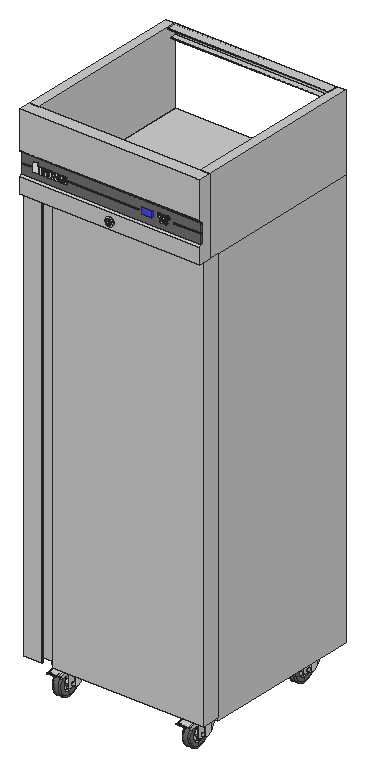
Revit family "QF_INOMAK_CAP172_SL_RU_250513081755", category Specialty Equipment, Revit 2021
Family settings
  Round Connector Dimension = Use Diameter
  Part Type = Normal
  OmniClass Number = 23.40.40.14
  OmniClass Title = Food Service Equipment
  Work Plane-Based = No
  Always vertical = Yes
  Cut with Voids When Loaded = No
  Shared = No
  Room Calculation Point = No
Parameters (values of type "CAP172-SL-RU")
  Weight [instance] = 101.00 kg
  Warranty Start Date [instance] = ""
  Warranty Duration [instance] = ""
  Volts [instance] = 230 V
  Volt Free Conn [instance] = no
  URL Recommended Spares List [instance] = ""
  URL Manufacturer [instance] = ""
  URL Cutsheet [instance] = ""
  URL Critical Spares List [instance] = ""
  URL = "www.inomak.com"
  Technical Documentation [instance] = ""
  Tag Number [instance] = ""
  Status [instance] = ""
  Start Up Current [instance] = 0 A
  Specification by User [instance] = ""
  Specification by Manufacturer [instance] = ""
  Sound Level [instance] = ""
  Show Logo [instance] = yes
  Show Clearances [instance] = yes
  Service Life Duration [instance] = ""
  Serial Number [instance] = ""
  Seismic Rating [instance] = ""
  SMACNA No [instance] = ""
  Revision Code [instance] = ""
  Revision [instance] = ""
  Refrigeration Working Pressure [instance] = 0.0 Pa
  Refrigeration Suction Line Size [instance] = 9.652 mm
  Refrigeration Suction Line Remarks [instance] = ""
  Refrigeration Suction Line RI Height [instance] = 0 mm
  Refrigeration Suction Line Connection Type [instance] = ""
  Refrigeration Suction Line Connection Height [instance] = 0 mm
  Refrigeration Liquid Line Size [instance] = 9.652 mm
  Refrigeration Liquid Line Remarks [instance] = ""
  Refrigeration Liquid Line RI Height [instance] = 0 mm
  Refrigeration Liquid Line Connection Type [instance] = ""
  Refrigeration Liquid Line Connection Height [instance] = 0 mm
  Refrigeration Evaporation Temperature [instance] = 0 °C
  Refrigeration Energy Efficiency Index [instance] = ""
  Refrigeration Defrost Drain [instance] = no
  Refrigeration Climate Class [instance] = ""
  Refrigerant Volume [instance] = 0.0 L/s
  Refrigerant Type [instance] = ""
  Refrigerant Mass [instance] = 0
  Refrigerant Compressor Remote [instance] = no
  Production Year [instance] = ""
  Potential Equalisation [instance] = no
  Point Load [instance] = 0
  Phase [instance] = 1
  Other Equipment Approvals [instance] = ""
  Operational Current [instance] = 0 A
  Number of Poles [instance] = 2
  No Load Power Draw [instance] = no
  NAFEM Spec ID Number [instance] = ""
  Model Warning [instance] = ""
  Model = "CAP172/SL/RU"
  Min Ckt Ampacity [instance] = 0 A
  Max Overcurrent Protection [instance] = 10 A
  Masterspec [instance] = ""
  Manufacturer = "INOMAK"
  Main switch integrated [instance] = no
  Length Actual [instance] = 720 mm
  Item Number [instance] = ""
  Installed By [instance] = ""
  Installation Date [instance] = ""
  Identify Quantity as Lot [instance] = no
  ID [instance] = ""
  Hygiene Approval [instance] = ""
  Height Actual [instance] = 2100 mm
  HP power [instance] = ""
  Furnished By [instance] = ""
  Foodservice Equipment Identifier [instance] = no
  FL Amps [instance] = 0 A
  Energy Efficiency Labelling [instance] = ""
  Electrical Remarks [instance] = ""
  Electric power [instance] = 0 W
  Electric Connection Type [instance] = ""
  Elec Conn RI Height [instance] = 0 mm
  Elec Conn Connection Height [instance] = 0 mm
  ETL Approved [instance] = no
  Description = "RAMNUS CHILLER CABINET FOR CONNECTION TO A REMOTE UNIT WITH 1 DOOR, COMPACT DIMENSIONS "
  Depth Actual [instance] = 768 mm
  Default Elevation = 0 mm
  Cycle [instance] = 50 Hz
  Cost = 0
  Connection to energy optimisation system [instance] = yes
  Conn Plug [instance] = ""
  Conn Conduit [instance] = no
  Centralized building control system with digital interface [instance] = ""
  CSI MasterFormat [instance] = ""
  CE Approved [instance] = no
  Barcode [instance] = 0
  BTUH [instance] = 0 W
  Author [instance] = ""
  Asset Identifier [instance] = ""
  Apparent Power [instance] = 0 VA
  Accessory [instance] = no
Reference planes
  plane 1 "Center (Front/Back)": y = 0
  plane 2: z = 0
  plane 3 "Center (Left/Right)": x = 0
Forms (mm)
  Extrusion 1, solid, not visible
    sketch origin (590.029, -430.021, 2028.099) x (1, 0, 0) y (0, 1, 0)
      loop
        line (-2, 2) -> (-2, -2) -> (2, -2) -> (2, 2) -> (-2, 2)
    from -2 to 2
  Extrusion 2, solid, not visible
    sketch origin (590.029, -450.022, 2028.099) x (1, 0, 0) y (0, 1, 0)
      loop
        line (-2, 2) -> (-2, -2) -> (2, -2) -> (2, 2) -> (-2, 2)
    from -2 to 2
  Extrusion 3, solid, not visible
    sketch origin (590.029, -2, 1930.094) x (1, 0, 0) y (0, 1, 0)
      loop
        line (-2, 2) -> (-2, -2) -> (2, -2) -> (2, 2) -> (-2, 2)
    from -2 to 2
Dimensions and locks
  locked: nested 2 to Extrusion 1 at 2  (x2)
  locked: nested 3 to Extrusion 2 at 2  (x2)
  locked: Extrusion 3 to nested 4
  locked: nested 4 to Extrusion 3 at 2
  aligned and locked: level to plane 2
Nested families
  nested 1: "QF_INOMAK_REF_CABINETS_172_RU_2920" at (0, 0, 130), type "CAP172-SL-RU"
    with Weight 101.00 kg, Warranty Start Date "", Warranty Duration "", URL Cutsheet "", Technical Documentation "", Tag Number "", Status "", Specification by User "", Specification by Manufacturer "", Sound Level "", Solid Fuel Type "", Show Clearances yes, Service Life Duration "", Serial Number "", Seismic Rating "", SMACNA No "", Revision Code "", Revision "", Production Year "", Point Load 0, Other Equipment Approvals "", NAFEM Spec ID Number "", Model Warning "", Masterspec "", Length Actual 720 mm, Item Number "", Installed By "", Installation Date "", Identify Quantity as Lot yes, ID "", Hygiene Approval "", Height Actual 2100 mm, Furnished By "", Foodservice Equipment Identifier yes, Finish none, ETL Approved yes, Depth Actual 768 mm, CSI MasterFormat "", CE Approved yes, Barcode "", Author "", Asset Identifier "", Accessory no
  nested 2: "CONN_POINT_LIQUIDLINE_2D___Generic_Annotation" at (590.029, -430.021, 2030.099), type "CONN_POINT_LIQUIDLINE_2D___Generic_Annotation"
    with Onboard connection annotation symbol visibility yes
  nested 3: "CONN_POINT_SUCTIONLINE_2D___Generic_Annotation" at (590.029, -450.022, 2030.099), type "CONN_POINT_SUCTIONLINE_2D___Generic_Annotation"
    with Onboard connection annotation symbol visibility yes
  nested 4: "CONN_POINT_ELE_2D___Generic_Annotation" at (590.029, 0, 1930.094), type "CONN_POINT_ELE_2D___Generic_Annotation"
    with Onboard connection annotation symbol visibility yes
  nested 5: "QF_INOMAK_C172-DR-RX_5961" at (0, -732, 130), type "C172-DR-RX"
    with Weight 0.00 kg, Warranty Start Date "", Warranty Duration "", URL Cutsheet "", Technical Documentation "", Tag Number "", Status "", Specification by User "", Specification by Manufacturer "", Sound Level "", Solid Fuel Type "", Show Logo yes, Show Clearances yes, Show Clearance yes, Service Life Duration "", Serial Number "", Seismic Rating "", SMACNA No "", Revision Code "", Revision "", Production Year "", Point Load 0, Other Equipment Approvals "", NAFEM Spec ID Number "", Model Warning "", Masterspec "", Length Actual 720 mm, Item Number "", Installed By "", Installation Date "", Identify Quantity as Lot yes, ID "", Hygiene Approval "", Height Actual 1982 mm, Furnished By "", Foodservice Equipment Identifier yes, Finish none, ETL Approved yes, Depth Actual 70 mm, CSI MasterFormat "", CE Approved yes, Barcode "", Author "", Asset Identifier "", Accessory yes
  nested 6: "QF_INOMAK_CASTORS_6833" at (0, 0, 0), type "CT-720-730"
    with Weight 0.00 kg, Warranty Start Date "", Warranty Duration "", URL Cutsheet "", Technical Documentation "", Tag Number "", Status "", Specification by User "", Specification by Manufacturer "", Sound Level "", Solid Fuel Type "", Show Logo yes, Show Clearances yes, Service Life Duration "", Serial Number "", Seismic Rating "", SMACNA No "", Revision Code "", Revision "", Production Year "", Point Load 0, Other Equipment Approvals "", NAFEM Spec ID Number "", Model Warning "", Masterspec "", Length Actual 720 mm, Item Number "", Installed By "", Installation Date "", Identify Quantity as Lot yes, ID "", Hygiene Approval "", Height Actual 130 mm, Furnished By "", Foodservice Equipment Identifier yes, ETL Approved yes, Depth Actual 730 mm, CSI MasterFormat "", CE Approved yes, Barcode "", Author "", Asset Identifier "", Accessory yes
Connectors
  piping at (590.029, -430.021, 2030.099), diameter 9.652, driven by "Refrigeration Liquid Line Size", driven by "Refrigerant Volume"
    settings: on Extrusion 1, index 1, connector inside diameter 609.6 mm, connector length 0 mm, flow factor 0, pipe flow 0.0 L/s, pressure drop 0.0 Pa, fitting loss kfactor 0, connector angle 0.00°, fixture units 0, engagement length 0 mm, angle of deflection 0.00°, flow configuration 1, flow direction 1, fitting loss method 0, system type 7, joint type 0, gender type 0, connector reference index -1, connector utility 0, adjustable connector no, is connector primary yes, connector description "Refrigeration Liquid Line connection for CAP172/SL/RU"
  piping at (590.029, -450.022, 2030.099), diameter 9.652, driven by "Refrigeration Suction Line Size"
    settings: on Extrusion 2, index 2, connector inside diameter 609.6 mm, connector length 0 mm, flow factor 0, pipe flow 0.0 L/s, pressure drop 0.0 Pa, fitting loss kfactor 0, connector angle 0.00°, fixture units 0, engagement length 0 mm, angle of deflection 0.00°, flow configuration 1, flow direction 2, fitting loss method 0, system type 8, joint type 0, gender type 0, connector reference index -1, connector utility 0, adjustable connector no, is connector primary no, connector description "Refrigeration Suction Line connection for CAP172/SL/RU"
  electrical at (590.029, 0, 1930.094), driven by "Apparent Power", driven by "Number of Poles", driven by "Volts"
    settings: on Extrusion 3, index 3, voltage 230 V, apparent load 0 VA, apparent load phase1 0 VA, apparent load phase2 0 VA, apparent load phase3 0 VA, power factor 1, load classification "Other", number of poles 2, system type 31, power factor state 1, is connector primary yes, connector utility no, sub classification motor no, connector description "Electrical connection for CAP172/SL/RU"
Definition of nested family "QF_INOMAK_REF_CABINETS_172_RU_2920"
  Parameters (values of type "CAP172-GL-RU")
    Weight [instance] = 0.00 kg
    Warranty Start Date [instance] = ""
    Warranty Duration [instance] = ""
    URL Cutsheet [instance] = ""
    URL = "www.inomak.com"
    Technical Documentation [instance] = ""
    Tag Number [instance] = ""
    Status [instance] = ""
    Specification by User [instance] = ""
    Specification by Manufacturer [instance] = ""
    Sound Level [instance] = ""
    Solid Fuel Type [instance] = ""
    Show Logo = yes
    Show Clearances [instance] = yes
    Service Life Duration [instance] = ""
    Serial Number [instance] = ""
    Seismic Rating [instance] = ""
    SMACNA No [instance] = ""
    Revision Code [instance] = ""
    Revision [instance] = ""
    Production Year [instance] = ""
    Point Load [instance] = 0
    Other Equipment Approvals [instance] = ""
    NAFEM Spec ID Number [instance] = ""
    Model Warning [instance] = ""
    Model = "CAP172/GL/RU"
    Masterspec [instance] = ""
    Manufacturer = "INOMAK"
    Length Actual [instance] = 0 mm
    Length = 720 mm
    Item Number [instance] = ""
    Installed By [instance] = ""
    Installation Date [instance] = ""
    Identify Quantity as Lot [instance] = yes
    ID [instance] = ""
    Hygiene Approval [instance] = ""
    Height Actual [instance] = 0 mm
    Height = 1985 mm
    Furnished By [instance] = ""
    Foodservice Equipment Identifier [instance] = yes
    Finish [instance] = none
    ETL Approved [instance] = yes
    Description = "RAMNUS CHILLER CABINET FOR CONNECTION TO A REMOTE UNIT WITH 1 GN 2/1 GLASS DOOR"
    Depth Actual [instance] = 0 mm
    Depth = 824 mm
    Default Elevation = 0 mm
    CSI MasterFormat [instance] = ""
    CE Approved [instance] = yes
    Barcode [instance] = ""
    Author [instance] = ""
    Asset Identifier [instance] = ""
    Assembly Code = "E1090320"
    Accessory [instance] = yes
  Types (8, lengths in mm): name | Model | Description | Depth
    CAP172-RU | "CAP172/RU" | "RAMNUS CHILLER CABINET FOR CONNECTION TO A REMOTE UNIT WITH 1 GN 2/1 DOOR" | 832
    CBP172-RU | "CBP172/RU" | "RAMNUS FREEZER CABINET FOR CONNECTION TO A REMOTE UNIT WITH 1 GN 2/1 DOOR" | 832
    CAP172-SL-RU | "CAP172/SL/RU" | "RAMNUS CHILLER CABINET FOR CONNECTION TO A REMOTE UNIT WITH 1 DOOR, COMPACT DIMENSIONS" | 732
    CAP172-GL-RU | "CAP172/GL/RU" | "RAMNUS CHILLER CABINET FOR CONNECTION TO A REMOTE UNIT WITH 1 GN 2/1 GLASS DOOR" | 824
    CAP172-SL-GL-RU | "CAP172/SL/GL/RU" | "RAMNUS CHILLER CABINET FOR CONNECTION TO A REMOTE UNIT WITH 1 GLASS DOOR, COMPACT DIMENSIONS" | 724
    CBP172-SL-RU | "CBP172/SL/RU" | "RAMNUS FREEZER CABINET FOR CONNECTION TO A REMOTE UNIT WITH 1 DOOR, COMPACT DIMENSIONS" | 732
    CBP172-GL-RU | "CBP172/GL/RU" | "RAMNUS FREEZER CABINET FOR CONNECTION TO A REMOTE UNIT WITH 1 GN 2/1 GLASS DOOR" | 824
    CBP172-SL-GL-RU | "CBP172/SL/GL/RU" | "RAMNUS FREEZER CABINET FOR CONNECTION TO A REMOTE UNIT WITH 1 GLASS DOOR, COMPACT DIMENSIONS" | 724
  Reference planes
    plane 1 "Back": y = 0
    plane 2: z = 0
    plane 3 "Left": x = 0
    plane 4 "Right": x = 720
    plane 5 "Front": y = -824
    plane 6 "Top": z = 1985
  Forms (mm)
    Extrusion 1, solid
      sketch origin (-1732.685, -824, 3995) x (-1, 0, 0) y (0, 0, 1)
        loop
          circle (-2284.815, -2199.02) r 6.965
        loop
          circle (-2301.846, -2199.02) r 6.965
        loop
          circle (-2318.855, -2199.02) r 6.965
        loop
          circle (-2293.341, -2217.021) r 6.965
        loop
          circle (-2310.35, -2217.021) r 6.965
        loop
          circle (-2284.815, -2199.02) r 3.965
        loop
          circle (-2301.846, -2199.02) r 3.965
        loop
          circle (-2318.855, -2199.02) r 3.965
        loop
          circle (-2293.341, -2217.021) r 3.965
        loop
          circle (-2310.35, -2217.021) r 3.965
      from 7.3 to 10.302
    Extrusion 2, solid
      sketch origin (-1732.685, -824, 3995) x (-1, 0, 0) y (0, 0, 1)
        loop
          line (-2257.026, -2195.289) -> (-2257.026, -2218.289) -> (-2217.026, -2218.289) -> (-2217.026, -2195.289) -> (-2257.026, -2195.289)
      from 7.3 to 10.302
    Extrusion 3, solid
      sketch origin (-1732.685, -824, 3995) x (-1, 0, 0) y (0, 0, 1)
        loop
          line (-1732.685, -2167.27) -> (-2452.685, -2167.27) -> (-2452.685, -2246.309) -> (-1732.685, -2246.309) -> (-1732.685, -2167.27)
      from 7.8 to 10.302
    Extrusion 4, solid, visible <- "Show Logo"
      sketch origin (-1732.685, -824, 3995) x (-1, 0, 0) y (0, 0, 1)
        loop
          line (-1776.745, -2194.74) -> (-1782.745, -2194.74) -> (-1782.745, -2183.633) -> (-1796.982, -2183.633) -> (-1796.982, -2194.74) -> (-1802.982, -2194.74) -> (-1802.982, -2220.99) -> (-1776.745, -2220.99) -> (-1776.745, -2194.74)
        loop
          line (-1807.298, -2195.052) -> (-1814.587, -2195.052) -> (-1814.587, -2220.99) -> (-1807.298, -2220.99) -> (-1807.298, -2195.052)
        loop
          line (-1817.107, -2220.99) -> (-1817.107, -2195.052) -> (-1823.94, -2195.052) -> (-1827.134, -2206.971) -> (-1827.134, -2195.052) -> (-1833.666, -2195.052) -> (-1833.666, -2220.99) -> (-1827.134, -2220.99) -> (-1823.42, -2207.127) -> (-1823.42, -2220.99) -> (-1817.107, -2220.99)
        loop
          line (-1854.348, -2220.99) -> (-1854.348, -2195.052) -> (-1863.311, -2195.052) -> (-1865.673, -2209.062) -> (-1868.035, -2195.052) -> (-1876.997, -2195.052) -> (-1876.997, -2220.99) -> (-1870.372, -2220.99) -> (-1870.372, -2207.127) -> (-1868.035, -2220.99) -> (-1863.311, -2220.99) -> (-1860.973, -2207.127) -> (-1860.973, -2220.99) -> (-1854.348, -2220.99)
        loop
          line (-1839.536, -2195.052) -> (-1848.861, -2195.052)
          arc (-1848.861, -2195.052) -> (-1851.458, -2196.128) -> (-1852.533, -2198.724) r 3.672
          line (-1852.533, -2198.724) -> (-1852.533, -2217.318)
          arc (-1852.533, -2217.318) -> (-1851.458, -2219.914) -> (-1848.861, -2220.99) r 3.672
          line (-1848.861, -2220.99) -> (-1839.536, -2220.99)
          arc (-1839.536, -2220.99) -> (-1836.939, -2219.914) -> (-1835.864, -2217.318) r 3.672
          line (-1835.864, -2217.318) -> (-1835.864, -2198.724)
          arc (-1835.864, -2198.724) -> (-1836.939, -2196.128) -> (-1839.536, -2195.052) r 3.672
        loop
          arc (-1843.172, -2198.208) -> (-1844.198, -2197.181) -> (-1845.225, -2198.208) r 1.027
          line (-1845.225, -2198.208) -> (-1845.225, -2216.801)
          arc (-1845.225, -2216.801) -> (-1844.198, -2217.828) -> (-1843.172, -2216.801) r 1.027
          line (-1843.172, -2216.801) -> (-1843.172, -2198.208)
        loop
          line (-1878.066, -2220.99) -> (-1882.439, -2195.052) -> (-1891.3, -2195.052) -> (-1895.673, -2220.99) -> (-1889.146, -2220.99) -> (-1888.536, -2216.027) -> (-1885.203, -2216.027) -> (-1884.593, -2220.99) -> (-1878.066, -2220.99)
        loop
          line (-1885.759, -2211.498) -> (-1886.87, -2202.452) -> (-1887.98, -2211.498) -> (-1885.759, -2211.498)
        loop
          line (-1896.638, -2220.99) -> (-1896.638, -2195.052) -> (-1903.263, -2195.052) -> (-1903.263, -2204.165) -> (-1906.049, -2195.052) -> (-1913.487, -2195.052) -> (-1909.159, -2206.329) -> (-1914.207, -2220.99) -> (-1906.623, -2220.99) -> (-1903.263, -2208.45) -> (-1903.263, -2220.99) -> (-1896.638, -2220.99)
      from 7.3 to 10.3
    Extrusion 5, solid
      sketch origin (-1732.685, -824, 3995) x (-1, 0, 0) y (0, 0, 1)
        loop
          line (-1732.685, -2204.789) -> (-1769.679, -2204.789) -> (-1769.679, -2208.789) -> (-1732.685, -2208.789) -> (-1732.685, -2204.789)
        loop
          line (-1918.161, -2204.789) -> (-2202.526, -2204.789) -> (-2202.526, -2208.789) -> (-1918.161, -2208.789) -> (-1918.161, -2204.789)
        loop
          line (-2452.685, -2204.789) -> (-2452.685, -2208.789) -> (-2344.916, -2208.789) -> (-2344.916, -2204.789) -> (-2452.685, -2204.789)
      from 7.3 to 10.302
    Extrusion 6, solid, material <- "Finish"
      sketch origin (0, 24.612, -1987) x (0, 1, 0) y (0, 0, 1)
        loop
          line (-848.612, 3972) -> (-848.612, 3823.032) -> (-840.31, 3814.73) -> (-840.31, 3735.691) -> (-848.612, 3727.389) -> (-848.612, 3667) -> (-798.612, 3667) -> (-798.612, 3972) -> (-848.612, 3972)
      from 0 to 720
    Extrusion 7, solid, material <- "Finish"
      sketch origin (0, 0, 1985) x (0, 1, 0) y (-1, 0, 0)
        loop
          line (-774, 0) -> (-774, -35) -> (0, -35) -> (0, 0) -> (-774, 0)
      from 0 to -305
    Extrusion 8, solid, material <- "Finish"
      sketch origin (0, 0, 1985) x (0, 1, 0) y (-1, 0, 0)
        loop
          line (-774, -720) -> (0, -720) -> (0, -685) -> (-774, -685) -> (-774, -720)
      from 0 to -305
    Extrusion 9, solid, material <- "Finish"
      sketch origin (0, 24.612, -1987) x (0, 1, 0) y (0, 0, 1)
        loop
          line (-798.612, 3863.915) -> (-798.612, 3667) -> (-678.934, 3667) -> (-678.934, 3744.237) -> (-798.612, 3863.915)
      from 35 to 685
    Extrusion 10, solid, material <- "Finish"
      sketch origin (0, 24.612, -123) x (0, 1, 0) y (0, 0, 1)
        loop
          line (-675.378, 1910.946) -> (-690.935, 1926.502) -> (-709.143, 1908.294) -> (-707.729, 1906.88) -> (-690.935, 1923.674) -> (-676.793, 1909.532) -> (-675.378, 1910.946)
      from 114.953 to 225
    Extrusion 11, solid, material <- "Finish"
      sketch origin (394.212, 24.612, -123) x (0, 1, 0) y (0, 0, 1)
        loop
          line (-675.378, 1910.946) -> (-690.935, 1926.502) -> (-709.143, 1908.294) -> (-707.729, 1906.88) -> (-690.935, 1923.674) -> (-676.793, 1909.532) -> (-675.378, 1910.946)
      from 114.953 to 225
    Extrusion 12, solid, material <- "Finish"
      sketch origin (0, 30.903, -1982) x (0, 1, 0) y (0, 0, 1)
        loop
          line (-30.903, 3967) -> (-70.903, 3967) -> (-70.903, 3965) -> (-32.903, 3965) -> (-32.903, 3929) -> (-55.903, 3929) -> (-55.903, 3927) -> (-30.903, 3927) -> (-30.903, 3967)
      from 35 to 685
    Extrusion 13, solid, material <- "Finish"
      sketch origin (0, 30.903, -118) x (0, 1, 0) y (0, 0, 1)
        loop
          line (-30.903, 1798) -> (-764.903, 1798) -> (-764.903, 1733) -> (-100.876, 1733) -> (-100.876, 191) -> (-764.903, 191) -> (-764.903, 118) -> (-30.903, 118) -> (-30.903, 1798)
      from 35 to 685
    Extrusion 14, solid, material <- "Finish"
      sketch origin (0, 30.903, -415.687) x (1, 0, 0) y (0, 1, 0)
        loop
          line (0, -764.903) -> (35, -764.903) -> (35, -30.903) -> (0, -30.903) -> (0, -764.903)
      from 415.687 to 2095.687
    Extrusion 15, solid, material <- "Finish"
      sketch origin (720, 30.903, -415.687) x (-1, 0, 0) y (0, -1, 0)
        loop
          line (0, 764.903) -> (0, 30.903) -> (35, 30.903) -> (35, 764.903) -> (0, 764.903)
      from 415.687 to 2095.687
    Revolve 16, solid
      sketch origin (358.942, 24.612, -1987) x (0, 1, 0) y (0, 0, 1)
        loop
          line (-851.012, 3694.152) -> (-848.612, 3694.152) -> (-848.612, 3711.145) -> (-849.612, 3711.145) -> (-853.012, 3706.633) -> (-853.012, 3702.998) -> (-851.012, 3702.998) -> (-851.012, 3694.152)
        axis (-848.612, 3694.152) -> (-853.012, 3694.152)
      angle from 0 to 360
    Extrusion 17, solid
      sketch origin (-1732.685, -824, 3995) x (-1, 0, 0) y (0, 0, 1)
        loop
          line (-2090.827, -2284.348) -> (-2092.827, -2284.348) -> (-2092.827, -2291.348) -> (-2090.827, -2291.348) -> (-2090.827, -2284.348)
        loop
          circle (-2091.627, -2287.848) r 7.846
      from -4.4 to -2.4
    Extrusion 18, solid, material <- "Finish"
      sketch origin (0, 30.903, -118) x (1, 0, 0) y (0, 1, 0)
        loop
          line (187, 5.097) -> (187, -29.903) -> (175, -29.903) -> (175, -30.903) -> (545, -30.903) -> (545, -29.903) -> (533, -29.903) -> (533, 5.097) -> (187, 5.097)
      from 1156 to 1531
    Extrusion 19, solid, material <- "Finish"
      sketch origin (100, 30.903, -118) x (1, 0, 0) y (0, 1, 0)
        loop
          line (339, 0.097) -> (339, -29.903) -> (325, -29.903) -> (325, -30.903) -> (340, -30.903) -> (340, -0.903) -> (393, -0.903) -> (393, -30.903) -> (408, -30.903) -> (408, -29.903) -> (394, -29.903) -> (394, 0.097) -> (339, 0.097)
      from 1531 to 1793
  Lines and regions (mm)
    symbolic lines
      curve 1: line (0, 0, 0) -> (720, 0, 0)
      curve 2: line (0, -824, 0) -> (0, 0, 0)
      curve 3: line (720, -824, 0) -> (0, -824, 0)
      curve 4: line (720, 0, 0) -> (720, -824, 0)
      curve 5: line (35, 0, 0) -> (35, -774, 0)
      curve 6: line (35, -774, 0) -> (685, -774, 0)
      curve 7: line (685, -774, 0) -> (685, 0, 0)
      curve 8: line (35, -40, 0) -> (685, -40, 0)
      curve 9: line (35, -654.322, 0) -> (685, -654.322, 0)
      curve 10: line (187, 1, 0) -> (187, 36, 0)
      curve 11: line (187, 36, 0) -> (533, 36, 0)
      curve 12: line (533, 36, 0) -> (533, 1, 0)
      curve 13: line (187, 1, 0) -> (175, 1, 0)
      curve 14: line (175, 1, 0) -> (175, 0, 0)
      curve 15: line (533, 1, 0) -> (545, 1, 0)
      curve 16: line (545, 1, 0) -> (545, 0, 0)
      curve 17: line (425, 0, 0) -> (425, 1, 0)
      curve 18: line (425, 1, 0) -> (439, 1, 0)
      curve 19: line (439, 1, 0) -> (439, 31, 0)
      curve 20: line (439, 31, 0) -> (494, 31, 0)
      curve 21: line (494, 31, 0) -> (494, 1, 0)
      curve 22: line (494, 1, 0) -> (508, 1, 0)
      curve 23: line (508, 1, 0) -> (508, 0, 0)
  Dimensions and locks
    plane 3 "Left" to plane 4 "Right" = 720 mm
    "Depth": plane 5 "Front" to plane 1 "Back"
    "Height": plane 6 "Top" to level
    plane 6 "Top" to level = 1985 mm
    aligned and locked: level to plane 2
    aligned and locked: plane 6 "Top" to Extrusion 6 sketch curve
  Automatic sketch dimensions
    curve 3 to plane 3 "Left" = 0 mm
    curve 3 to plane 4 "Right" = 0 mm
    curve 2 to plane 5 "Front" = 0 mm
    plane 3 "Left" to curve 6 = 35 mm
    curve 7 to curve 1 = 35 mm
    plane 5 "Front" to curve 7 = 50 mm
    plane 1 "Back" to curve 8 = 40 mm
    Extrusion 6 sketch curve to plane 5 "Front" = 0 mm  (x2)
    plane 5 "Front" to Extrusion 6 sketch curve = 8.302 mm
    Extrusion 6 sketch curve to Extrusion 6 sketch curve = 50 mm
    Extrusion 6 sketch curve to Extrusion 6 sketch curve = 60.389 mm
    Extrusion 6 sketch curve to Extrusion 6 sketch curve = 8.302 mm  (x2)
    Extrusion 6 sketch curve to Extrusion 6 sketch curve = 79.039 mm
    Extrusion 6 sketch curve to Extrusion 6 sketch curve = 148.968 mm
    plane 5 "Front" to Extrusion 9 sketch curve = 50 mm
    Extrusion 9 sketch curve to Extrusion 9 sketch curve = 119.678 mm  (x2)
    Extrusion 9 sketch curve to plane 6 "Top" = 305 mm
    Extrusion 9 sketch curve to Extrusion 9 sketch curve = 77.237 mm
    plane 5 "Front" to Extrusion 10 sketch curve = 139.47 mm
    Extrusion 10 sketch curve to Extrusion 10 sketch curve = 1.414 mm  (x2)
    Extrusion 10 sketch curve to Extrusion 10 sketch curve = 16.794 mm
    Extrusion 10 sketch curve to Extrusion 10 sketch curve = 0 mm
    Extrusion 10 sketch curve to Extrusion 10 sketch curve = 14.142 mm
    level to Extrusion 10 sketch curve = 1783.88 mm
    plane 5 "Front" to Extrusion 11 sketch curve = 139.47 mm
    Extrusion 11 sketch curve to Extrusion 11 sketch curve = 1.414 mm  (x2)
    Extrusion 11 sketch curve to Extrusion 11 sketch curve = 16.794 mm
    Extrusion 11 sketch curve to Extrusion 11 sketch curve = 0 mm
    Extrusion 11 sketch curve to Extrusion 11 sketch curve = 14.142 mm
    level to Extrusion 11 sketch curve = 1783.88 mm
    plane 1 "Back" to Extrusion 12 sketch curve = 40 mm
    Extrusion 12 sketch curve to Extrusion 12 sketch curve = 15 mm
    plane 1 "Back" to Extrusion 12 sketch curve = 2 mm
    Extrusion 12 sketch curve to Extrusion 12 sketch curve = 2 mm  (x3)
    Extrusion 12 sketch curve to plane 6 "Top" = 40 mm
    Extrusion 12 sketch curve to Extrusion 12 sketch curve = 36 mm
    Extrusion 13 sketch curve to level = 0 mm
    Extrusion 13 sketch curve to plane 6 "Top" = 1912 mm
    plane 5 "Front" to Extrusion 13 sketch curve = 90 mm  (x2)
    plane 1 "Back" to Extrusion 13 sketch curve = 69.973 mm
    plane 1 "Back" to Extrusion 13 sketch curve = 0 mm
    Extrusion 13 sketch curve to plane 6 "Top" = 370 mm
    Extrusion 13 sketch curve to Extrusion 13 sketch curve = 65 mm
    Extrusion 14 sketch curve to plane 3 "Left" = 0 mm
    plane 3 "Left" to Extrusion 14 sketch curve = 35 mm
    plane 5 "Front" to Extrusion 14 sketch curve = 90 mm
    plane 1 "Back" to Extrusion 14 sketch curve = 0 mm
    Extrusion 15 sketch curve to plane 4 "Right" = 0 mm
    Extrusion 15 sketch curve to Extrusion 15 sketch curve = 35 mm
    plane 1 "Back" to Extrusion 15 sketch curve = 0 mm
    plane 5 "Front" to Extrusion 15 sketch curve = 90 mm
    Revolve 16 sketch curve to plane 5 "Front" = 0 mm
    Revolve 16 sketch curve to plane 5 "Front" = 1 mm
    Revolve 16 sketch curve to plane 5 "Front" = 2.4 mm
    Revolve 16 sketch curve to Revolve 16 sketch curve = 2 mm
    Revolve 16 sketch curve to plane 6 "Top" = 277.848 mm
    Revolve 16 sketch curve to Revolve 16 sketch curve = 8.846 mm
    Revolve 16 sketch curve to Revolve 16 sketch curve = 3.635 mm
    Revolve 16 sketch curve to Revolve 16 sketch curve = 4.512 mm
    Revolve 16 sketch curve to Revolve 16 sketch curve = 0 mm  (x2)
    Revolve 16 sketch curve to Revolve 16 sketch curve = 4.096 mm
    Extrusion 1 sketch curve to Extrusion 1 sketch curve = 0 mm  (x13)
    plane 4 "Right" to Extrusion 1 sketch curve = 133.83 mm
    Extrusion 1 sketch curve to Extrusion 1 sketch curve = 8.505 mm
    Extrusion 1 sketch curve to Extrusion 1 sketch curve = 17.009 mm  (x2)
    Extrusion 1 sketch curve to Extrusion 1 sketch curve = 17.03 mm
    Extrusion 1 sketch curve to plane 6 "Top" = 207.021 mm
    Extrusion 1 sketch curve to Extrusion 1 sketch curve = 18.001 mm
    plane 4 "Right" to Extrusion 2 sketch curve = 195.659 mm
    Extrusion 2 sketch curve to Extrusion 2 sketch curve = 40 mm
    Extrusion 2 sketch curve to plane 6 "Top" = 208.289 mm
    Extrusion 2 sketch curve to Extrusion 2 sketch curve = 23 mm
    plane 4 "Right" to Extrusion 3 sketch curve = 0 mm
    Extrusion 3 sketch curve to plane 3 "Left" = 0 mm
    Extrusion 3 sketch curve to plane 6 "Top" = 236.309 mm
    Extrusion 3 sketch curve to Extrusion 3 sketch curve = 79.039 mm
    plane 3 "Left" to Extrusion 4 sketch curve = 181.522 mm
    Extrusion 4 sketch curve to Extrusion 4 sketch curve = 0.72 mm
    Extrusion 4 sketch curve to Extrusion 4 sketch curve = 4.329 mm
    Extrusion 4 sketch curve to Extrusion 4 sketch curve = 7.584 mm
    Extrusion 4 sketch curve to Extrusion 4 sketch curve = 7.438 mm
    Extrusion 4 sketch curve to Extrusion 4 sketch curve = 5.895 mm
    Extrusion 4 sketch curve to Extrusion 4 sketch curve = 0 mm  (x16)
    Extrusion 4 sketch curve to Extrusion 4 sketch curve = 6.625 mm  (x2)
    Extrusion 4 sketch curve to Extrusion 4 sketch curve = 0.965 mm
    Extrusion 4 sketch curve to Extrusion 4 sketch curve = 5.338 mm
    Extrusion 4 sketch curve to Extrusion 4 sketch curve = 6.527 mm  (x2)
    Extrusion 4 sketch curve to Extrusion 4 sketch curve = 0.609 mm
    Extrusion 4 sketch curve to Extrusion 4 sketch curve = 0.556 mm
    Extrusion 4 sketch curve to Extrusion 4 sketch curve = 4.43 mm  (x2)
    Extrusion 4 sketch curve to Extrusion 4 sketch curve = 2.222 mm
    Extrusion 4 sketch curve to Extrusion 4 sketch curve = 3.334 mm
    Extrusion 4 sketch curve to Extrusion 4 sketch curve = 4.552 mm
    Extrusion 4 sketch curve to Extrusion 4 sketch curve = 1.069 mm
    Extrusion 4 sketch curve to Extrusion 4 sketch curve = 8.962 mm  (x2)
    Extrusion 4 sketch curve to Extrusion 4 sketch curve = 2.337 mm
    Extrusion 4 sketch curve to Extrusion 4 sketch curve = 4.699 mm  (x2)
    Extrusion 4 sketch curve to Extrusion 4 sketch curve = 4.724 mm  (x2)
    Extrusion 4 sketch curve to Extrusion 4 sketch curve = 1.815 mm
    Extrusion 4 sketch curve to Extrusion 4 sketch curve = 3.672 mm  (x6)
    Extrusion 4 sketch curve to Extrusion 4 sketch curve = 3.636 mm  (x3)
    Extrusion 4 sketch curve to Extrusion 4 sketch curve = 1.027 mm
    Extrusion 4 sketch curve to Extrusion 4 sketch curve = 2.197 mm
    Extrusion 4 sketch curve to Extrusion 4 sketch curve = 6.532 mm  (x2)
    Extrusion 4 sketch curve to Extrusion 4 sketch curve = 3.194 mm
    Extrusion 4 sketch curve to Extrusion 4 sketch curve = 3.714 mm
    Extrusion 4 sketch curve to Extrusion 4 sketch curve = 6.312 mm
    Extrusion 4 sketch curve to Extrusion 4 sketch curve = 2.52 mm
    Extrusion 4 sketch curve to Extrusion 4 sketch curve = 7.29 mm
    Extrusion 4 sketch curve to Extrusion 4 sketch curve = 4.315 mm
    Extrusion 4 sketch curve to Extrusion 4 sketch curve = 6 mm
    Extrusion 4 sketch curve to Extrusion 4 sketch curve = 14.237 mm
    Extrusion 4 sketch curve to Extrusion 4 sketch curve = 26.237 mm
    Extrusion 4 sketch curve to plane 6 "Top" = 210.99 mm
    Extrusion 4 sketch curve to Extrusion 4 sketch curve = 0.516 mm  (x2)
    Extrusion 4 sketch curve to Extrusion 4 sketch curve = 4.963 mm
    Extrusion 4 sketch curve to Extrusion 4 sketch curve = 4.529 mm
    Extrusion 4 sketch curve to Extrusion 4 sketch curve = 11.927 mm
    Extrusion 4 sketch curve to Extrusion 4 sketch curve = 12.539 mm
    Extrusion 4 sketch curve to Extrusion 4 sketch curve = 1.935 mm  (x2)
    Extrusion 4 sketch curve to Extrusion 4 sketch curve = 13.862 mm
    Extrusion 4 sketch curve to Extrusion 4 sketch curve = 0.157 mm
    Extrusion 4 sketch curve to Extrusion 4 sketch curve = 2.122 mm
    Extrusion 4 sketch curve to Extrusion 4 sketch curve = 4.285 mm
    Extrusion 4 sketch curve to Extrusion 4 sketch curve = 9.047 mm
    Extrusion 4 sketch curve to Extrusion 4 sketch curve = 8.403 mm
    Extrusion 4 sketch curve to Extrusion 4 sketch curve = 12.075 mm
    Extrusion 4 sketch curve to Extrusion 4 sketch curve = 26.25 mm
    Extrusion 4 sketch curve to Extrusion 4 sketch curve = 0.312 mm
    Extrusion 4 sketch curve to Extrusion 4 sketch curve = 11.107 mm
    plane 4 "Right" to Extrusion 5 sketch curve = 0 mm
    Extrusion 5 sketch curve to plane 3 "Left" = 0 mm
    Extrusion 5 sketch curve to Extrusion 5 sketch curve = 107.768 mm
    Extrusion 5 sketch curve to Extrusion 5 sketch curve = 142.39 mm
    plane 3 "Left" to Extrusion 5 sketch curve = 185.476 mm
    plane 3 "Left" to Extrusion 5 sketch curve = 36.995 mm
    Extrusion 5 sketch curve to plane 6 "Top" = 198.789 mm
    Extrusion 5 sketch curve to Extrusion 5 sketch curve = 0 mm  (x2)
    Extrusion 5 sketch curve to Extrusion 5 sketch curve = 4 mm  (x3)
    plane 4 "Right" to Extrusion 17 sketch curve = 359.858 mm
    Extrusion 17 sketch curve to Extrusion 17 sketch curve = 1.2 mm
    Extrusion 17 sketch curve to Extrusion 17 sketch curve = 2 mm
    Extrusion 17 sketch curve to plane 6 "Top" = 281.348 mm
    Extrusion 17 sketch curve to Extrusion 17 sketch curve = 3.5 mm  (x2)
    curve 6 to curve 9 = 119.678 mm
    Extrusion 7 sketch curve to plane 3 "Left" = 0 mm
    plane 1 "Back" to Extrusion 7 sketch curve = 0 mm
    plane 5 "Front" to Extrusion 7 sketch curve = 50 mm
    plane 3 "Left" to Extrusion 7 sketch curve = 35 mm
    Extrusion 8 sketch curve to plane 4 "Right" = 0 mm
    plane 1 "Back" to Extrusion 8 sketch curve = 0 mm
    plane 5 "Front" to Extrusion 8 sketch curve = 50 mm
    plane 4 "Right" to Extrusion 8 sketch curve = 35 mm
    plane 1 "Back" to curve 7 = 0 mm
    curve 13 to plane 1 "Back" = 1 mm
    curve 5 to curve 13 = 140 mm
    curve 13 to curve 13 = 12 mm
    curve 10 to curve 17 = 238 mm
    curve 19 to plane 1 "Back" = 1 mm
    curve 17 to curve 19 = 14 mm
    curve 19 to curve 20 = 55 mm
    curve 23 to plane 1 "Back" = 1 mm
    curve 21 to curve 23 = 14 mm
    curve 20 to curve 11 = 39 mm
    curve 15 to plane 1 "Back" = 1 mm
    curve 12 to curve 15 = 12 mm
    curve 21 to curve 20 = 30 mm
    curve 10 to curve 11 = 35 mm
    plane 1 "Back" to Extrusion 18 sketch curve = 0 mm
    Extrusion 18 sketch curve to plane 1 "Back" = 1 mm  (x2)
    plane 3 "Left" to Extrusion 18 sketch curve = 175 mm
    Extrusion 18 sketch curve to Extrusion 18 sketch curve = 12 mm  (x2)
    Extrusion 18 sketch curve to plane 1 "Back" = 36 mm
    plane 4 "Right" to Extrusion 18 sketch curve = 187 mm
    plane 1 "Back" to Extrusion 19 sketch curve = 0 mm  (x2)
    plane 4 "Right" to Extrusion 19 sketch curve = 295 mm
    Extrusion 19 sketch curve to plane 1 "Back" = 1 mm  (x2)
    Extrusion 19 sketch curve to Extrusion 19 sketch curve = 14 mm  (x2)
    Extrusion 19 sketch curve to Extrusion 19 sketch curve = 1 mm  (x3)
    Extrusion 19 sketch curve to Extrusion 19 sketch curve = 53 mm
    Extrusion 19 sketch curve to Extrusion 19 sketch curve = 29 mm
    radius of Extrusion 1 sketch curve = 6.965 mm  (x5)
    radius of Extrusion 1 sketch curve = 3.965 mm  (x5)
    radius of Extrusion 17 sketch curve = 7.846 mm
Definition of nested family "QF_INOMAK_C172-DR-RX_5961"
  Parameters (values of type "C172-DR-RX")
    Weight [instance] = 0.00 kg
    Warranty Start Date [instance] = ""
    Warranty Duration [instance] = ""
    URL Cutsheet [instance] = ""
    URL = "www.inomak.com"
    Technical Documentation [instance] = ""
    Tag Number [instance] = ""
    Status [instance] = ""
    Specification by User [instance] = ""
    Specification by Manufacturer [instance] = ""
    Sound Level [instance] = ""
    Solid Fuel Type [instance] = ""
    Show Logo [instance] = yes
    Show Clearances [instance] = yes
    Show Clearance [instance] = yes
    Service Life Duration [instance] = ""
    Serial Number [instance] = ""
    Seismic Rating [instance] = ""
    SMACNA No [instance] = ""
    Revision Code [instance] = ""
    Revision [instance] = ""
    Production Year [instance] = ""
    Point Load [instance] = 0
    Other Equipment Approvals [instance] = ""
    NAFEM Spec ID Number [instance] = ""
    Model Warning [instance] = ""
    Model = "C172-DR-RX"
    Masterspec [instance] = ""
    Manufacturer = "INOMAK"
    Length Actual [instance] = 0 mm
    Item Number [instance] = ""
    Installed By [instance] = ""
    Installation Date [instance] = ""
    Identify Quantity as Lot [instance] = yes
    ID [instance] = ""
    Hygiene Approval [instance] = ""
    Height Actual [instance] = 0 mm
    Furnished By [instance] = ""
    Foodservice Equipment Identifier [instance] = yes
    Finish [instance] = none
    ETL Approved [instance] = yes
    Description = "RIGHT HINGED DOOR"
    Depth Actual [instance] = 0 mm
    Default Elevation = 0 mm
    CSI MasterFormat [instance] = ""
    CE Approved [instance] = yes
    Barcode [instance] = ""
    Author [instance] = ""
    Asset Identifier [instance] = ""
    Assembly Code = "E1090320"
    Accessory [instance] = yes
  Reference planes
    plane 1 "Back": y = 0
    plane 2: z = 0
    plane 3 "Left": x = 0
    plane 4 "Right": x = 720
    plane 5 "Front": y = 90
    plane 6 "Top": z = 1682
  Forms (mm)
    Extrusion 1, solid, visible <- "Show Clearance", detail levels coarse
      sketch origin (-154.804, 650, -18) x (1, 0, 0) y (0, 1, 0)
        loop
          line (874.804, -1300) -> (874.804, -630) -> (154.804, -630)
          arc (154.804, -630) -> (341.042, -1099.619) -> (804.804, -1300) r 660.076
          line (804.804, -1300) -> (874.804, -1300)
      from 28 to 1695
    Extrusion 2, solid, material <- "Finish"
      sketch origin (692, 81.553, 1286.729) x (0, 1, 0) y (-1, 0, 0)
        loop
          line (-61.553, -28) -> (8.447, -28) -> (8.447, 692) -> (-61.553, 692) -> (-61.553, 622.228)
          arc (-61.553, 622.228) -> (-60.614, 620.603) -> (-58.737, 620.603) r 1.877
          line (-58.737, 620.603) -> (-49.238, 626.088) -> (-45.56, 652.255) -> (-31.678, 650.304) -> (-31.678, 605.437) -> (-61.553, 575.562) -> (-61.553, -28)
      from -1276.729 to 390.271
  Lines and regions (mm)
    symbolic lines, visible <- "Show Clearance"
      curve 1: line (650, -650, 0) -> (720, -650, 0)
      curve 2: line (720, -650, 0) -> (720, 0, 0)
      curve 3: arc (0, 0, 0) -> (193.256, -456.744, 0) -> (650, -650, 0) r 660.076
  Dimensions and locks
    plane 3 "Left" to plane 4 "Right" = 720 mm
    plane 1 "Back" to plane 5 "Front" = 90 mm
    plane 6 "Top" to plane 2 = 1682 mm
    aligned and locked: level to plane 2
Definition of nested family "QF_INOMAK_CASTORS_6833"
  Parameters (values of type "CT-1105-600")
    Weight [instance] = 0.00 kg
    Warranty Start Date [instance] = ""
    Warranty Duration [instance] = ""
    URL Cutsheet [instance] = ""
    URL = "www.inomak.com"
    Technical Documentation [instance] = ""
    Tag Number [instance] = ""
    Status [instance] = ""
    Specification by User [instance] = ""
    Specification by Manufacturer [instance] = ""
    Sound Level [instance] = ""
    Solid Fuel Type [instance] = ""
    Show Logo [instance] = yes
    Show Clearances [instance] = yes
    Service Life Duration [instance] = ""
    Serial Number [instance] = ""
    Seismic Rating [instance] = ""
    SMACNA No [instance] = ""
    Right offset = 300 mm
    Revision Code [instance] = ""
    Revision [instance] = ""
    Rear offset = 60 mm
    Production Year [instance] = ""
    Point Load [instance] = 0
    Other Equipment Approvals [instance] = ""
    NAFEM Spec ID Number [instance] = ""
    Model Warning [instance] = ""
    Model = "CT"
    Masterspec [instance] = ""
    Manufacturer = "INOMAK"
    Length Actual [instance] = 0 mm
    Length = 1103 mm
    Left offset = 60 mm
    Item Number [instance] = ""
    Installed By [instance] = ""
    Installation Date [instance] = ""
    Identify Quantity as Lot [instance] = yes
    ID [instance] = ""
    Hygiene Approval [instance] = ""
    Height Actual [instance] = 0 mm
    Height = 130 mm
    Furnished By [instance] = ""
    Front offset = 150 mm
    Foodservice Equipment Identifier [instance] = yes
    ETL Approved [instance] = yes
    Description = "WHEELS"
    Depth Actual [instance] = 0 mm
    Depth = 600 mm
    Default Elevation = 0 mm
    CentralLegs = if(Length > 1900 mm, 2 > 1, 2 < 1)  # no
    CSI MasterFormat [instance] = ""
    CE Approved [instance] = yes
    Barcode [instance] = ""
    Author [instance] = ""
    Asset Identifier [instance] = ""
    Assembly Code = "E1090320"
    Accessory [instance] = yes
  Types (12, lengths in mm): name | Right offset | Rear offset | Length | Left offset | Front offset | Depth | CentralLegs
    CT-720-830 | 100 | 60 | 720 | 100 | 140 | 830 | no
    CT-1105-700 | 300 | 60 | 1103 | 60 | 150 | 700 | no
    CT-1440-730 | 100 | 60 | 1440 | 100 | 140 | 730 | no
    CT-720-730 | 100 | 60 | 720 | 100 | 140 | 730 | no
    CT-1410-700 | 60 | 90 | 1406 | 60 | 150 | 700 | no
    CT-1795-700 | 60 | 90 | 1792 | 60 | 150 | 700 | no
    CT-1440-830 | 100 | 60 | 1440 | 100 | 140 | 830 | no
    CT-1545-700 | 300 | 90 | 1546 | 100 | 150 | 700 | no
    CT-1995-700 | 300 | 90 | 1996 | 100 | 150 | 700 | yes
    CT-1105-600 | 300 | 60 | 1103 | 60 | 150 | 600 | no
    CT-1545-600 | 300 | 90 | 1546 | 100 | 150 | 600 | no
    CT-1995-600 | 300 | 90 | 1996 | 100 | 150 | 600 | yes
  Reference planes
    plane 1 "Back": y = 0
    plane 2: z = 0
    plane 3 "Left": x = 0
    plane 4 "Right": x = 1103
    plane 5 "Front": y = -600
    plane 6 "Top": z = 130
    plane 7 "Left offset": x = 60
    plane 8 "Right offset": x = 803
    plane 9 "Rear offset": y = -60
    plane 10 "Front offset": y = -450
    plane 11: x = 431.5
  Dimensions and locks
    "Length": plane 3 "Left" to plane 4 "Right"
    "Depth": plane 5 "Front" to plane 1 "Back"
    "Left offset": plane 3 "Left" to plane 7 "Left offset"
    "Right offset": plane 8 "Right offset" to plane 4 "Right"
    "Rear offset": plane 9 "Rear offset" to plane 1 "Back"
    "Front offset": plane 10 "Front offset" to plane 5 "Front"
    plane 6 "Top" to level = 130 mm
    equal spacing: plane 7 "Left offset", plane 11, plane 8 "Right offset"
    aligned and locked: level to plane 2
    aligned and locked: nested 1 to plane 7 "Left offset"
    aligned and locked: nested 1 to plane 10 "Front offset"
    aligned and locked: nested 2 to plane 8 "Right offset"
    aligned and locked: nested 2 to plane 10 "Front offset"
    aligned and locked: nested 3 to plane 7 "Left offset"
    aligned and locked: nested 3 to plane 9 "Rear offset"
    aligned and locked: nested 4 to plane 8 "Right offset"
    aligned and locked: nested 4 to plane 9 "Rear offset"
    aligned and locked: nested 5 to plane 11
    aligned and locked: nested 5 to plane 10 "Front offset"
  Nested families
    nested 1: "QF_INOMAK_CASTOR_BRAKES" at (60, -450, 0), type "QF_INOMAK_CASTOR_BRAKES"
    nested 2: "QF_INOMAK_CASTOR_BRAKES" at (803, -450, 0), type "QF_INOMAK_CASTOR_BRAKES"
    nested 3: "QF_INOMAK_CASTOR" at (60, -60, 0), type "QF_INOMAK_CASTOR"
    nested 4: "QF_INOMAK_CASTOR" at (803, -60, 0), type "QF_INOMAK_CASTOR"
    nested 5: "QF_INOMAK_CASTOR_BRAKES" at (431.5, -450, 0), visible <- "CentralLegs", type "QF_INOMAK_CASTOR_BRAKES"
  Definition of nested family "QF_INOMAK_CASTOR_BRAKES"
    Parameters (values of type "QF_INOMAK_CASTOR_BRAKES")
      Default Elevation = 0 mm
    Reference planes
      plane 1 "Center (Front/Back)": y = 0
      plane 2: z = 0
      plane 3 "Center (Left/Right)": x = 0
    Forms (mm)
      Extrusion 1, solid
        sketch origin (-55, 171.5, 124.5) x (1, 0, 0) y (0, 1, 0)
          loop
            line (12.5, -214) -> (97.5, -214)
            arc (97.5, -214) -> (104.571, -211.071) -> (107.5, -204) r 10
            line (107.5, -204) -> (107.5, -139)
            arc (107.5, -139) -> (104.571, -131.929) -> (97.5, -129) r 10
            line (97.5, -129) -> (12.5, -129)
            arc (12.5, -129) -> (5.429, -131.929) -> (2.5, -139) r 10
            line (2.5, -139) -> (2.5, -204)
            arc (2.5, -204) -> (5.429, -211.071) -> (12.5, -214) r 10
        from 0 to 5.5
      Extrusion 2, solid
        sketch origin (-55, 146, 24.5) x (1, 0, 0) y (0, 1, 0)
          loop
            circle (55, -146) r 36
          loop
            circle (55, -146) r 34
        from 12 to 100
      Extrusion 3, void
        sketch origin (-37.5, 146, -28.526) x (0, 1, 0) y (0, 0, 1)
          loop
            line (-105, 63.026) -> (-105, 139.692) -> (-158.75, 68.026)
            arc (-158.75, 68.026) -> (-160.956, 66.036) -> (-163.75, 65.026) r 7.727
            line (-163.75, 65.026) -> (-175, 65.026) -> (-175, 136.026) -> (-182, 136.026) -> (-182, 63.026) -> (-105, 63.026)
        from 0 to 75
      Revolve 4, solid
        sketch origin (0, -37.5, -3.552) x (1, 0, 0) y (0, 0, 1)
          loop
            arc (10, 3.552) -> (13.536, 5.016) -> (15, 8.552) r 5
            line (15, 8.552) -> (15, 22.052) -> (-15, 22.052) -> (-15, 8.552)
            arc (-15, 8.552) -> (-13.536, 5.016) -> (-10, 3.552) r 5
            line (-10, 3.552) -> (10, 3.552)
          axis (-15, 53.552) -> (15, 53.552)
        angle from 0 to 360
      Extrusion 5, solid
        sketch origin (-21.466, 171.5, -31.526) x (0, 1, 0) y (0, 0, 1)
          loop
            line (-200.5, 68.026) -> (-200.5, 139.026) -> (-222.5, 139.026) -> (-267.507, 126.05)
            arc (-267.507, 126.05) -> (-264.51, 121.7) -> (-259.5, 120.026) r 8.333
            line (-259.5, 120.026) -> (-224.5, 120.026) -> (-224.5, 76.026)
            arc (-224.5, 76.026) -> (-222.157, 70.369) -> (-216.5, 68.026) r 8
            line (-216.5, 68.026) -> (-200.5, 68.026)
        from -3.534 to -1.534
      Extrusion 6, solid
        sketch origin (-34, 171.5, -14) x (0, 1, 0) y (0, 0, 1)
          loop
            circle (-209, 64) r 12.5
        from 11 to 57
      Revolve 7, solid
        sketch origin (-55, -37.5, -3.552) x (1, 0, 0) y (0, 0, 1)
          loop
            arc (65, 22.052) -> (61.464, 23.516) -> (60, 27.052) r 5
            line (60, 27.052) -> (60, 53.526) -> (50, 53.526) -> (50, 27.052)
            arc (50, 27.052) -> (48.536, 23.516) -> (45, 22.052) r 5
            line (45, 22.052) -> (65, 22.052)
          axis (45, 53.526) -> (65, 53.526)
        angle from 0 to 360
      Extrusion 8, solid
        sketch origin (21.466, 171.5, -31.526) x (0, 1, 0) y (0, 0, -1)
          loop
            line (-200.5, -68.026) -> (-216.5, -68.026)
            arc (-216.5, -68.026) -> (-222.157, -70.369) -> (-224.5, -76.026) r 8
            line (-224.5, -76.026) -> (-224.5, -120.026) -> (-259.5, -120.026)
            arc (-259.5, -120.026) -> (-264.51, -121.7) -> (-267.507, -126.05) r 8.333
            line (-267.507, -126.05) -> (-222.5, -139.026) -> (-200.5, -139.026) -> (-200.5, -68.026)
        from -3.534 to -1.534
      Extrusion 9, solid
        sketch origin (250, -359.196, -27.974) x (1, 0, 0) y (0, 1, 0)
          loop
            line (-275, 330.196) -> (-273, 330.196)
            arc (-273, 330.196) -> (-273.274, 332.754) -> (-274.083, 335.196) r 12.082
            line (-274.083, 335.196) -> (-276.833, 335.196)
            arc (-276.833, 335.196) -> (-275.473, 332.858) -> (-275, 330.196) r 7.737
        from 64.474 to 135.474
      Extrusion 10, solid
        sketch origin (-250, -359.196, -27.974) x (-1, 0, 0) y (0, -1, 0)
          loop
            arc (-275, -330.196) -> (-275.473, -332.858) -> (-276.833, -335.196) r 7.737
            line (-276.833, -335.196) -> (-274.083, -335.196)
            arc (-274.083, -335.196) -> (-273.274, -332.754) -> (-273, -330.196) r 12.082
            line (-273, -330.196) -> (-275, -330.196)
        from 64.474 to 135.474
      Sweep 11, solid
        path origin (0, -359.196, -27.974) x (0, 1, 0) y (0, 0, 1)
          loop
            line (338.196, 135.474) -> (308.196, 135.474) -> (263.189, 122.499)
        profile origin (0, -36, 107.5) x (0, 0, -1) y (1, 0, 0)
          loop
            arc (-4, -21) -> (-2.828, -23.828) -> (0, -25) r 4
            line (0, -25) -> (0, -23)
            arc (0, -23) -> (-1.414, -22.414) -> (-2, -21) r 2
            line (-2, -21) -> (-2, 21)
            arc (-2, 21) -> (-1.414, 22.414) -> (0, 23) r 2
            line (0, 23) -> (0, 25)
            arc (0, 25) -> (-2.828, 23.828) -> (-4, 21) r 4
            line (-4, 21) -> (-4, -21)
      Extrusion 12, solid
        sketch origin (-15, -620.032, 471.611) x (1, 0, 0) y (0, 0.809942, -0.58651)
          loop
            line (0, 640.696) -> (0, 622.696) -> (6, 617.696) -> (24, 617.696) -> (30, 622.696) -> (30, 640.696) -> (0, 640.696)
        from 0 to 2
      Extrusion 13, solid
        sketch origin (-10, -688.801, 95.837) x (0, 1, 0) y (0, 0, 1)
          loop
            line (587.696, 0) -> (592.196, -3.259)
            arc (592.196, -3.259) -> (593.446, -3.664) -> (594.696, -3.259) r 2.131
            line (594.696, -3.259) -> (604.172, 4.031) -> (598.943, 2.532) -> (594.631, -0.785)
            arc (594.631, -0.785) -> (593.44, -1.2) -> (592.238, -0.82) r 2
            line (592.238, -0.82) -> (588.869, 1.62) -> (587.696, 0)
        from 0 to 20
      Extrusion 14, solid
        sketch origin (-31, -958.08, 50) x (0, 1, 0) y (0, 0, 1)
          loop
            line (924.33, -6.495) -> (928.08, 0) -> (924.33, 6.495) -> (916.83, 6.495) -> (913.08, 0) -> (916.83, -6.495) -> (924.33, -6.495)
        from 0 to 62
    Cuts and joins
      Extrusion 3 cuts Extrusion 2
      Extrusion 3 cuts Extrusion 9
      Extrusion 3 cuts Extrusion 10
    Dimensions and locks
      aligned and locked: level to plane 2
  Definition of nested family "QF_INOMAK_CASTOR"
    Parameters (values of type "QF_INOMAK_CASTOR")
      Default Elevation = 0 mm
    Reference planes
      plane 1 "Center (Front/Back)": y = 0
      plane 2: z = 0
      plane 3 "Center (Left/Right)": x = 0
    Forms (mm)
      Extrusion 1, solid
        sketch origin (-55, 171.5, 124.5) x (1, 0, 0) y (0, 1, 0)
          loop
            line (12.5, -214) -> (97.5, -214)
            arc (97.5, -214) -> (104.571, -211.071) -> (107.5, -204) r 10
            line (107.5, -204) -> (107.5, -139)
            arc (107.5, -139) -> (104.571, -131.929) -> (97.5, -129) r 10
            line (97.5, -129) -> (12.5, -129)
            arc (12.5, -129) -> (5.429, -131.929) -> (2.5, -139) r 10
            line (2.5, -139) -> (2.5, -204)
            arc (2.5, -204) -> (5.429, -211.071) -> (12.5, -214) r 10
        from 0 to 5.5
      Extrusion 2, solid
        sketch origin (-55, 146, 24.5) x (1, 0, 0) y (0, 1, 0)
          loop
            circle (55, -146) r 36
          loop
            circle (55, -146) r 34
        from 12 to 100
      Extrusion 3, void
        sketch origin (-37.5, 146, -28.526) x (0, 1, 0) y (0, 0, 1)
          loop
            line (-105, 63.026) -> (-105, 139.692) -> (-158.75, 68.026)
            arc (-158.75, 68.026) -> (-160.956, 66.036) -> (-163.75, 65.026) r 7.727
            line (-163.75, 65.026) -> (-175, 65.026) -> (-175, 136.026) -> (-182, 136.026) -> (-182, 63.026) -> (-105, 63.026)
        from 0 to 75
      Revolve 4, solid
        sketch origin (0, -37.5, -3.552) x (1, 0, 0) y (0, 0, 1)
          loop
            arc (10, 3.552) -> (13.536, 5.016) -> (15, 8.552) r 5
            line (15, 8.552) -> (15, 22.052) -> (-15, 22.052) -> (-15, 8.552)
            arc (-15, 8.552) -> (-13.536, 5.016) -> (-10, 3.552) r 5
            line (-10, 3.552) -> (10, 3.552)
          axis (-15, 53.552) -> (15, 53.552)
        angle from 0 to 360
      Extrusion 5, solid
        sketch origin (-21.466, 171.5, -31.526) x (0, 1, 0) y (0, 0, 1)
          loop
            line (-200.5, 68.026) -> (-200.5, 139.026) -> (-224.5, 139.026) -> (-224.5, 76.026)
            arc (-224.5, 76.026) -> (-222.157, 70.369) -> (-216.5, 68.026) r 8
            line (-216.5, 68.026) -> (-200.5, 68.026)
        from -3.534 to -1.534
      Extrusion 6, solid
        sketch origin (-34, 171.5, -14) x (0, 1, 0) y (0, 0, 1)
          loop
            circle (-209, 64) r 12.5
        from 11 to 57
      Revolve 7, solid
        sketch origin (-55, -37.5, -3.552) x (1, 0, 0) y (0, 0, 1)
          loop
            arc (65, 22.052) -> (61.464, 23.516) -> (60, 27.052) r 5
            line (60, 27.052) -> (60, 53.526) -> (50, 53.526) -> (50, 27.052)
            arc (50, 27.052) -> (48.536, 23.516) -> (45, 22.052) r 5
            line (45, 22.052) -> (65, 22.052)
          axis (45, 53.526) -> (65, 53.526)
        angle from 0 to 360
      Extrusion 8, solid
        sketch origin (21.466, 171.5, -31.526) x (0, 1, 0) y (0, 0, -1)
          loop
            line (-200.5, -68.026) -> (-216.5, -68.026)
            arc (-216.5, -68.026) -> (-222.157, -70.369) -> (-224.5, -76.026) r 8
            line (-224.5, -76.026) -> (-224.5, -139.026) -> (-200.5, -139.026) -> (-200.5, -68.026)
        from -3.534 to -1.534
      Extrusion 9, solid
        sketch origin (250, -359.196, -27.974) x (1, 0, 0) y (0, 1, 0)
          loop
            line (-275, 330.196) -> (-273, 330.196)
            arc (-273, 330.196) -> (-273.274, 332.754) -> (-274.083, 335.196) r 12.082
            line (-274.083, 335.196) -> (-276.833, 335.196)
            arc (-276.833, 335.196) -> (-275.473, 332.858) -> (-275, 330.196) r 7.737
        from 64.474 to 135.474
      Extrusion 10, solid
        sketch origin (-250, -359.196, -27.974) x (-1, 0, 0) y (0, -1, 0)
          loop
            arc (-275, -330.196) -> (-275.473, -332.858) -> (-276.833, -335.196) r 7.737
            line (-276.833, -335.196) -> (-274.083, -335.196)
            arc (-274.083, -335.196) -> (-273.274, -332.754) -> (-273, -330.196) r 12.082
            line (-273, -330.196) -> (-275, -330.196)
        from 64.474 to 135.474
      Sweep 11, solid
        path origin (0, -359.196, -27.974) x (0, 1, 0) y (0, 0, 1)
          loop
            line (338.196, 135.474) -> (306.196, 135.474)
        profile origin (0, -37, 107.5) x (0, 0, -1) y (1, 0, 0)
          loop
            arc (-4, -21) -> (-2.828, -23.828) -> (0, -25) r 4
            line (0, -25) -> (0, -23)
            arc (0, -23) -> (-1.414, -22.414) -> (-2, -21) r 2
            line (-2, -21) -> (-2, 21)
            arc (-2, 21) -> (-1.414, 22.414) -> (0, 23) r 2
            line (0, 23) -> (0, 25)
            arc (0, 25) -> (-2.828, 23.828) -> (-4, 21) r 4
            line (-4, 21) -> (-4, -21)
      Extrusion 12, solid
        sketch origin (-31, -958.08, 50) x (0, 1, 0) y (0, 0, 1)
          loop
            line (924.33, -6.495) -> (928.08, 0) -> (924.33, 6.495) -> (916.83, 6.495) -> (913.08, 0) -> (916.83, -6.495) -> (924.33, -6.495)
        from 0 to 62
    Cuts and joins
      Extrusion 3 cuts Extrusion 2
      Extrusion 3 cuts Extrusion 9
      Extrusion 3 cuts Extrusion 10
    Dimensions and locks
      aligned and locked: level to plane 2
Definition of nested family "CONN_POINT_LIQUIDLINE_2D___Generic_Annotation"
  Parameters (values of type "CONN_POINT_LIQUIDLINE_2D___Generic_Annotation")
    Onboard connection annotation symbol visibility [instance] = yes
  Reference planes
    plane 1: y = 0
    plane 2: x = 0
  Lines and regions (mm)
    detail lines, visible <- "Onboard connection annotation symbol visibility"
      curve 1: circle (0, 0, 0) r 0.5 normal (0, 0, 1)
      curve 2: line (-1, 0, 0) -> (1, 0, 0)
      curve 3: line (0, 1, 0) -> (0, -1, 0)
      curve 4: line (-4.286, 1, 0) -> (-4.286, -1, 0)
      curve 5: line (-4.286, 1, 0) -> (-3.761, 1, 0)
      curve 6: line (-3.761, 0.18, 0) -> (-4.286, 0.18, 0)
      curve 7: arc (-3.761, 1, 0) -> (-3.351, 0.59, 0) -> (-3.761, 0.18, 0) r 0.41
      curve 8: line (-3.22, -1, 0) -> (-3.761, 0.18, 0)
      curve 9: line (-1.883, -1, 0) -> (-1.883, 1, 0)
      curve 10: line (-1.883, -1, 0) -> (-0.883, -1, 0)
      curve 11: line (-3.083, -1, 0) -> (-3.083, 1, 0)
      curve 12: line (-3.083, -1, 0) -> (-2.083, -1, 0)
Definition of nested family "CONN_POINT_SUCTIONLINE_2D___Generic_Annotation"
  Parameters (values of type "CONN_POINT_SUCTIONLINE_2D___Generic_Annotation")
    Onboard connection annotation symbol visibility [instance] = yes
  Reference planes
    plane 1: y = 0
    plane 2: x = 0
  Lines and regions (mm)
    detail lines, visible <- "Onboard connection annotation symbol visibility"
      curve 1: circle (0, 0, 0) r 0.5 normal (0, 0, 1)
      curve 2: line (-1, 0, 0) -> (1, 0, 0)
      curve 3: line (0, 1, 0) -> (0, -1, 0)
      curve 4: arc (3.295, 0.766, 0) -> (2.872, 1.013, 0) -> (2.406, 0.862, 0) r 0.6
      curve 5: arc (2.406, 0.862, 0) -> (2.264, 0.509, 0) -> (2.454, 0.18, 0) r 0.433
      curve 6: arc (3.266, -0.864, 0) -> (3.408, -0.508, 0) -> (3.212, -0.178, 0) r 0.433
      curve 7: arc (2.289, -0.586, 0) -> (2.701, -0.995, 0) -> (3.266, -0.864, 0) r 0.6
      curve 8: line (2.454, 0.18, 0) -> (3.212, -0.178, 0)
      curve 9: line (1.136, 1, 0) -> (1.136, -1, 0)
      curve 10: line (1.136, 1, 0) -> (1.661, 1, 0)
      curve 11: line (1.661, 0.18, 0) -> (1.136, 0.18, 0)
      curve 12: arc (1.661, 1, 0) -> (2.071, 0.59, 0) -> (1.661, 0.18, 0) r 0.41
      curve 13: line (2.201, -1, 0) -> (1.661, 0.18, 0)
      curve 14: line (3.539, -1, 0) -> (3.539, 1, 0)
      curve 15: line (3.539, -1, 0) -> (4.539, -1, 0)
Definition of nested family "CONN_POINT_ELE_2D___Generic_Annotation"
  Parameters (values of type "CONN_POINT_ELE_2D___Generic_Annotation")
    Onboard connection annotation symbol visibility [instance] = yes
  Reference planes
    plane 1: y = 0
    plane 2: x = 0
  Lines and regions (mm)
    detail lines, visible <- "Onboard connection annotation symbol visibility"
      curve 1: circle (0, 0, 0) r 0.5 normal (0, 0, 1)
      curve 2: line (-1, 0, 0) -> (1, 0, 0)
      curve 3: line (0, 1, 0) -> (0, -1, 0)
      curve 4: line (2.5, 1, 0) -> (1.25, 1, 0)
      curve 5: line (1.25, 1, 0) -> (1.25, -1, 0)
      curve 6: line (1.25, -1, 0) -> (2.5, -1, 0)
      curve 7: line (1.25, 0, 0) -> (2, 0, 0)
